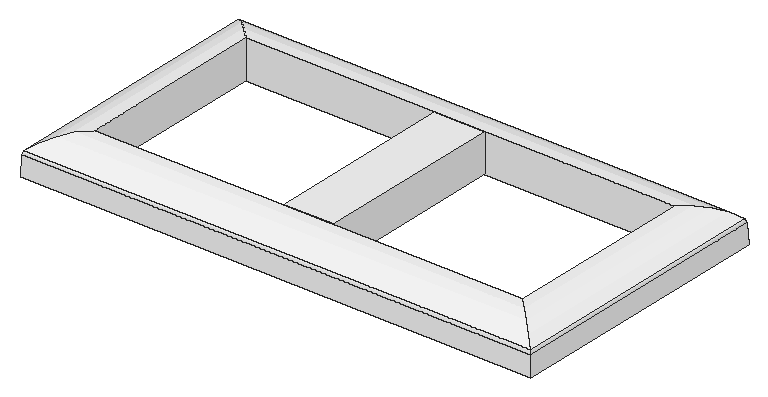
Revit family "Gira_021203", category Electrical Fixtures, host Face, Revit 2017
Family settings
  Host = Face
  Maintain Annotation Orientation = No
  Round Connector Dimension = Use Diameter
  Part Type = Normal
  Cut with Voids When Loaded = No
  Shared = No
  Room Calculation Point = No
Parameters (values of type "Abdeckrahmen 2f Standard 55 Reinweiß")
  Werkstoffgüte = "Thermoplast"
  Werkstoff = "Kunststoff"
  URL = "http://katalog.gira.de/de_DE/datenblatt.html?artikelnr=021203"
  Transparent = "No"
  Textfeld/Beschriftungsfläche = "No"
  Schutzart (IP) = "IP20"
  Region = "DE"
  RAL-Nummer (ähnlich) = "9010 "
  Oberfläche = "sonstige"
  Name = "Abdeckrahmen 2f Standard 55 Reinweiß"
  Montagerichtung = "horizontal und vertikal"
  Mit Montagerahmen = "No"
  Mit Klappdeckel = "No"
  Manufacturer URL = "https://www.gira.de/"
  Keynote = "Std55_Rahmen_2fach"
  HeinzeBIM = "https://bimportal.heinze.de/bim/abdeckrahmen-2f-standard-55-reinweiss/0f1c72228a42cfba6ece712ec532194f8d2cd599"
  Halogenfrei = "Yes"
  HAN = "021203"
  Geeignet für Unterputz-Installation = "Yes"
  Geeignet für Unterflurkanaldose = "No"
  Geeignet für Geräteeinbaukanal = "No"
  Geeignet für Einbauinstallation = "No"
  GTIN = "4010337212034"
  Farbe = "weiß"
  Default Elevation = 1219.2 mm
  Data sheet (1) = "https://katalog.gira.de/de_DE/download.html?artikelnr=021203"
  Category = "Abdeckrahmen"
  Befestigungsart = "Klemmbefestigung"
  Available = "Yes"
  Ausführung der Oberfläche = "glänzend"
  Anzahl der Einheiten vertikal = "2 "
  Anzahl der Einheiten horizontal = "2 "
  Anzahl der Einheiten = "2 "
Reference planes
  plane 1 "Center (Front/Back)": y = 0
  plane 2: z = 0
  plane 3 "Center (Left/Right)": x = 0
  plane 4: y = -75.9
  plane 5: y = 75.9
  plane 6: x = -40.3
  plane 7: x = 40.3
  plane 8: y = -7.4
  plane 9: y = 7.4
Forms (mm)
  Sweep 1, solid, material "White", detail levels fine
    path origin (0, 0, 0) x (0, -1, 0) y (1, 0, 0)
      loop
        line (40.3, 75.9) -> (-40.3, 75.9) -> (-40.3, -75.9) -> (40.3, -75.9) -> (40.3, 75.9)
    profile origin (75.9, 0, 0) x (-1, 0, 0) y (0, 0, 1)
      loop
        arc (12.22, 11.373) -> (5.983, 10.294) -> (0.641, 6.901) r 16.145
        arc (0.641, 6.901) -> (0.395, 6.426) -> (0.309, 5.898) r 1.694
        line (0.309, 5.898) -> (0, 0) -> (12.319, 0) -> (12.22, 11.373)
  Extrusion 2, solid, material "White", detail levels coarse+medium
    sketch origin (0, 0, 0) x (0, -1, 0) y (1, 0, 0)
      loop
        line (40.3, 75.9) -> (-40.3, 75.9) -> (-40.3, -75.9) -> (40.3, -75.9) -> (40.3, 75.9)
    from 0 to 11.373
  Extrusion 3, solid, material "White", detail levels fine
    sketch origin (0, 0, 0) x (1, 0, 0) y (0, 0, 1)
      loop
        line (7.4, 0) -> (7.4, 11.373) -> (-7.4, 11.373) -> (-7.4, 0) -> (7.4, 0)
    from -28.08 to 28.08
Dimensions and locks
  aligned and locked: plane 2 to host face
  aligned and locked: level to host face
